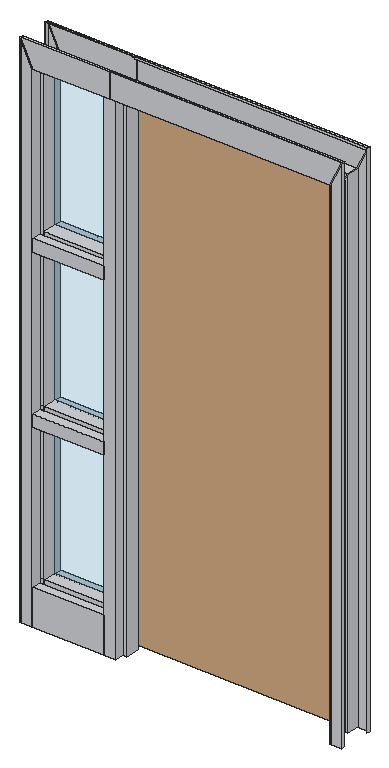
Revit family "Three SideLight Ext-F-WDMF-36 x 84-18 RSLT-4 Head", category Doors, host Wall, Revit 2014
Parameters (values of type "Ext-F-WDMF-36" x 84"-18"RSLT-4" Head")
  Width = Door Panel Width  # 3' - 0"
  Wall Thickness [instance] = 0' - 5 3/4"
  URL = ""
  Type Comments = "EXT,"
  Thickness = 0' - 1 3/4"
  Swing Angle [instance] = 90.00°
  Sidelite Width = P2 Width - 0' 2"  # 1' - 0"
  SDI Right Sidelite Width = Sidelite Width  # 1' - 0"
  SDI RO Spacing = 0' - 0"
  SDI Panel 1 Width = Leaf Width + 0' 0 3/16"  # 3' - 0"
  SDI No Panels = ""
  SDI HW Set [instance] = ""
  SDI HW Item LO-2 [instance] = ""
  SDI HW Item LO-1 [instance] = ""
  SDI HW Item KP-2 [instance] = ""
  SDI HW Item KP-1 [instance] = ""
  SDI HW Item HI-2 [instance] = ""
  SDI HW Item HI-1 [instance] = ""
  SDI HW Item HC-2 [instance] = ""
  SDI HW Item HC-1 [instance] = ""
  SDI HW Item ED-2 [instance] = ""
  SDI HW Item ED-1 [instance] = ""
  SDI HW Item DO-2 [instance] = ""
  SDI HW Item DO-1 [instance] = ""
  SDI HW Item CL-2 [instance] = ""
  SDI HW Item CL-1 [instance] = ""
  SDI Glass Material = Glass
  SDI Frame Type = "Right Sidelite"
  SDI Frame Sill Width = 0' - 6"
  SDI Frame Material Type = "Hollow Metal"
  SDI Frame Material = Paint - Generic - Prime
  SDI Frame Manufacturer = ""
  SDI Frame Jamb Width = 0' - 2"
  SDI Frame Head Width = 0' - 4"
  SDI Frame Finish Type = "Painted"
  SDI Frame Finish Color = "Prime"
  SDI Frame Depth [instance] = 0' - 5 3/4"
  SDI Family Version = "1.0"
  SDI Door Panel Type = "F"
  SDI Door Material Type = "Hollow Metal"
  SDI Door Material = Stain - SRO - Red Oak 100 Clear
  SDI Door Manufacturer = ""
  SDI Door Finish Type = "Painted"
  SDI Door Finish Color = "Prime"
  SDI Door Configuration = "SG"
  SDI Arch Frame Type [instance] = ""
  SDI Arch Frame Material Type [instance] = "HM"
  SDI Arch Door Panel Type [instance] = "F"
  SDI Arch Door Material Type [instance] = "HM"
  SDI Adjacent Wall Placement = 0' - 4"
  Rough Width = Frame Width - 0' 0" + 2 * SDI RO Spacing  # 4' - 6"
  Rough Height = Frame Height - 0' 0" + SDI RO Spacing  # 7' - 4"
  R1 Height = 7' - 2"
  P2 Width = 1' - 2"
  P1 Width = 3' - 2"
  Model = "Ext-F-WDMF-36\" x 84\"-18\"RSLT-4\" Head"
  Manufacturer = ""
  Leaf Width = P1 Width - 0' 2 3/16"  # 2' - 11 13/16"
  Height = Door Panel Height  # 7' - 0"
  Glass Offset [instance] = 0' 2 1/16" + (SDI Frame Depth - 0' 5 3/4") / 2  # 0' - 2 1/16"
  Function = Exterior
  Frame Width = P1 Width + P2 Width + 0' 2"  # 4' - 6"
  Frame Offset [instance] = if(Aligned Exterior, SDI Frame Depth / 2, if(Aligned Center, Wall Thickness / 2, if(Aligned Interior, Wall Thickness - SDI Frame Depth + SDI Frame Depth / 2, Aligned Other)))  # 0' - 2 7/8"
  Frame Height = R1 Height + 0' 2"  # 7' - 4"
  Fire Rating = ""
  Exterior Glazing [instance] = no
  Door Panel Width = P1 Width - 0' 2"  # 3' - 0"
  Door Panel Height = R1 Height + 0' 2" - (0' 4")  # 7' - 0"
  Door Offset [instance] = 0' 2 13/16" + (SDI Frame Depth - 0' 5 3/4") / 2  # 0' - 2 13/16"
  Description = "Three Hollow Metal Door with Hollow Metal Frame"
  Cost = 0
  Assembly Code = "B2030220"
  Analytic Construction = "<None>"
  Aligned Other [instance] = 0' - 0"
  Aligned Interior [instance] = no
  Aligned Exterior [instance] = yes
  Aligned Center [instance] = no
  ADA Clearance Lines = no
Reference planes (in)
  plane 1: y = 0
  plane 2 "Center (Left/Right)": x = 0
  plane 3 "Wall Edge": y = 2.875
  plane 4 "Wall Interior": y = -2.875
  plane 5 "ModelRefLevel": z = 0
  plane 6 "FrameDepthPlane": y = 0
  plane 7 "FrameFront": y = 2.875
  plane 8 "FrameBack": y = -2.875
  plane 9 "V0": x = 26
  plane 10 "V1": x = -12
  plane 11 "V2": x = -26
  plane 12 "H0": z = 1
  plane 13 "H1": z = 87
  plane 14 "InTermLeftJamb0": x = 25
  plane 15 "OutTermLeftJamb0": x = 27
  plane 16 "OutsideJamb1": x = -13
  plane 17 "InsideJamb1": x = -11
  plane 18 "InTermRightJamb2": x = -25
  plane 19 "OutTermRightJamb2": x = -27
  plane 20 "D0.151041666666667": y = 1.0625
  plane 21 "D0.109375": y = 1.5625
  plane 22 "DoorLeft": x = 25
  plane 23 "DoorRight": x = -11
  plane 24 "DoorCenter": x = 7
  plane 25 "DoorTop": z = 83.875
  plane 26 "DoorCenterTB": z = 41.9375
  plane 27 "DoorExtFace": y = 2.8125
  plane 28 "DoorGlassFace": y = 2.0625
  plane 29 "LockCenterLine": z = 41.3125
  plane 30 "ActDoorLeft": x = 24.90625
  plane 31 "SwingClrPlane": y = 62.875
  plane 32 "SwingPartialPlane": y = 50.875
  plane 33 "LeftAdjWall": x = 31
  plane 34: z = 44
  plane 35: z = 57.47917
  plane 36: z = 31.08333
  plane 37: z = 4.6875
Forms (in)
  Extrusion 1, solid
    sketch origin (145.6875, 0, 44) x (-1, 0, 0) y (0, -1, 0)
      loop
        line (118.6875, -2.375) -> (118.6875, -2.875) -> (120.6875, -2.875) -> (120.6875, -0.9375) -> (121.3125, -0.9375) -> (121.3125, 1.3125) -> (120.6875, 1.3125) -> (120.6875, 2.875) -> (118.6875, 2.875) -> (118.6875, 2.4375) -> (118.75, 2.4375) -> (118.75, 2.8125) -> (120.625, 2.8125) -> (120.625, 1.25) -> (121.25, 1.25) -> (121.25, -0.875) -> (120.625, -0.875) -> (120.625, -2.8125) -> (118.75, -2.8125) -> (118.75, -2.375) -> (118.6875, -2.375)
    from -44 to 44
  Extrusion 2, void
    sketch origin (0, 2.875, 0) x (1, 0, 0) y (0, 0, 1)
      loop
        line (27, 88) -> (24.375, 88) -> (24.375, 82.75) -> (27, 88)
    from -12 to 12
  Extrusion 3, solid
    sketch origin (108, 0, 42) x (-1, 0, 0) y (0, -1, 0)
      loop
        line (121, -0.9375) -> (121.625, -0.9375) -> (121.625, 1.3125) -> (121, 1.3125) -> (121, 2.875) -> (119, 2.875) -> (119, 1.3125) -> (118.375, 1.3125) -> (118.375, -0.9375) -> (119, -0.9375) -> (119, -2.875) -> (121, -2.875) -> (121, -0.9375)
      loop
        line (120.9375, -0.875) -> (121.5625, -0.875) -> (121.5625, 1.25) -> (120.9375, 1.25) -> (120.9375, 2.8125) -> (119.0625, 2.8125) -> (119.0625, 1.25) -> (118.4375, 1.25) -> (118.4375, -0.875) -> (119.0625, -0.875) -> (119.0625, -2.8125) -> (120.9375, -2.8125) -> (120.9375, -0.875)
    from -42 to 42
  Extrusion 4, solid
    sketch origin (94.3125, 0, 44) x (-1, 0, 0) y (0, -1, 0)
      loop
        line (121.25, -2.375) -> (121.25, -2.8125) -> (119.375, -2.8125) -> (119.375, -0.875) -> (118.75, -0.875) -> (118.75, 1.25) -> (119.375, 1.25) -> (119.375, 2.8125) -> (121.25, 2.8125) -> (121.25, 2.4375) -> (121.3125, 2.4375) -> (121.3125, 2.875) -> (119.3125, 2.875) -> (119.3125, 1.3125) -> (118.6875, 1.3125) -> (118.6875, -0.9375) -> (119.3125, -0.9375) -> (119.3125, -2.875) -> (121.3125, -2.875) -> (121.3125, -2.375) -> (121.25, -2.375)
    from -44 to 44
  Extrusion 5, void
    sketch origin (0, 2.875, 0) x (1, 0, 0) y (0, 0, 1)
      loop
        line (-27, 88) -> (-24.375, 82.75) -> (-24.375, 88) -> (-27, 88)
    from -12 to 12
  Extrusion 6, solid
    sketch origin (-19, 0, 3.3125) x (0, 1, 0) y (0, 0, 1)
      loop
        line (2.375, -3.3125) -> (2.875, -3.3125) -> (2.875, 2.6875) -> (0.9375, 2.6875) -> (0.9375, 3.3125) -> (-1.3125, 3.3125) -> (-1.3125, 2.6875) -> (-2.875, 2.6875) -> (-2.875, -3.3125) -> (-2.4375, -3.3125) -> (-2.4375, -3.25) -> (-2.8125, -3.25) -> (-2.8125, 2.625) -> (-1.25, 2.625) -> (-1.25, 3.25) -> (0.875, 3.25) -> (0.875, 2.625) -> (2.8125, 2.625) -> (2.8125, -3.25) -> (2.375, -3.25) -> (2.375, -3.3125)
    from -6 to 6
  Extrusion 7, solid
    sketch origin (7.5, 0, 85.6875) x (0, 1, 0) y (0, 0, 1)
      loop
        line (2.4375, 1.9375) -> (2.4375, 2.25) -> (2.8125, 2.25) -> (2.8125, -1.625) -> (0.875, -1.625) -> (0.875, -2.25) -> (-1.25, -2.25) -> (-1.25, -1.625) -> (-2.8125, -1.625) -> (-2.8125, 2.25) -> (-2.4375, 2.25) -> (-2.4375, 1.9375) -> (-2.375, 1.9375) -> (-2.375, 2.3125) -> (-2.875, 2.3125) -> (-2.875, -1.6875) -> (-1.3125, -1.6875) -> (-1.3125, -2.3125) -> (0.9375, -2.3125) -> (0.9375, -1.6875) -> (2.875, -1.6875) -> (2.875, 2.3125) -> (2.375, 2.3125) -> (2.375, 1.9375) -> (2.4375, 1.9375)
    from -19.5 to 19.5
  Extrusion 8, void
    sketch origin (0, 2.875, 0) x (1, 0, 0) y (0, 0, 1)
      loop
        line (27, 88) -> (24.6875, 83.375) -> (27, 83.375) -> (27, 88)
    from -12 to 12
  Extrusion 9, solid
    sketch origin (-19.5, 0, 85.6875) x (0, 1, 0) y (0, 0, 1)
      loop
        line (2.375, 2.25) -> (2.8125, 2.25) -> (2.8125, -1.625) -> (0.875, -1.625) -> (0.875, -2.25) -> (-1.25, -2.25) -> (-1.25, -1.625) -> (-2.8125, -1.625) -> (-2.8125, 2.25) -> (-2.4375, 2.25) -> (-2.4375, 2.3125) -> (-2.875, 2.3125) -> (-2.875, -1.6875) -> (-1.3125, -1.6875) -> (-1.3125, -2.3125) -> (0.9375, -2.3125) -> (0.9375, -1.6875) -> (2.875, -1.6875) -> (2.875, 2.3125) -> (2.375, 2.3125) -> (2.375, 2.25)
    from -7.5 to 7.5
  Extrusion 10, void
    sketch origin (0, 2.875, 0) x (1, 0, 0) y (0, 0, 1)
      loop
        line (-27, 88) -> (-27, 83.375) -> (-24.6875, 83.375) -> (-27, 88)
    from -12 to 12
  Extrusion 11, solid, material "Glass" <- "SDI Glass Material"
    sketch origin (-60, 1.0625, -12) x (1, 0, 0) y (0, 0, 1)
      loop
        line (47, 18) -> (47, 42.07774) -> (35, 42.07774) -> (35, 18) -> (47, 18)
      loop
        line (35, 96) -> (35, 70.47916) -> (47, 70.47916) -> (47, 96) -> (35, 96)
      loop
        line (47, 68.47917) -> (35, 68.47917) -> (35, 44.07773) -> (47, 44.07773) -> (47, 68.47917)
    from -0.125 to 0.125
  Extrusion 12, solid, material "Glass" <- "SDI Glass Material", visible <- "Exterior Glazing"
    sketch origin (-60, 1.5625, -12) x (1, 0, 0) y (0, 0, 1)
      loop
        line (47, 18) -> (47, 42.07774) -> (35, 42.07774) -> (35, 18) -> (47, 18)
      loop
        line (35, 96) -> (35, 70.47916) -> (47, 70.47916) -> (47, 96) -> (35, 96)
      loop
        line (47, 68.47917) -> (35, 68.47917) -> (35, 44.07773) -> (47, 44.07773) -> (47, 68.47917)
    from -0.125 to 0.125
  Extrusion 13, solid, material "Stain - SRO - Red Oak 100 Clear" <- "SDI Door Material"
    sketch origin (-60, 2.8125, -12) x (1, 0, 0) y (0, 0, 1)
      loop
        line (84.90625, 12.625) -> (84.90625, 95.875) -> (49.09375, 95.875) -> (49.09375, 12.625) -> (84.90625, 12.625)
    from 0 to 1.75
  Sweep 14, solid
    path origin (-19.85964, 3.1251, -0.10974) x (1, 0, 0) y (0, 0, 1)
      loop
        line (6.85964, 44.10974) -> (-5.14036, 44.10974)
    profile origin (-19, 3.1251, 44) x (0, 0, -1) y (0, -1, 0)
      loop
        line (-11.91667, 4.375) -> (-12.54167, 4.375) -> (-12.54167, 5.9375) -> (-14.41666, 5.9375) -> (-14.41666, 4.375) -> (-15.04166, 4.375) -> (-15.04166, 2.25) -> (-14.41666, 2.25) -> (-14.41666, 0.3125) -> (-12.54167, 0.3125) -> (-12.54167, 2.25) -> (-11.91667, 2.25) -> (-11.91667, 4.375)
      loop
        line (-14.47916, 0.25) -> (-12.47917, 0.25) -> (-12.47917, 2.1875) -> (-11.85417, 2.1875) -> (-11.85417, 4.4375) -> (-12.47917, 4.4375) -> (-12.47917, 6) -> (-14.47916, 6) -> (-14.47916, 4.4375) -> (-15.10416, 4.4375) -> (-15.10416, 2.1875) -> (-14.47916, 2.1875) -> (-14.47916, 0.25)
      loop
        line (14.48476, 4.3751) -> (13.85976, 4.3751) -> (13.85976, 5.9376) -> (11.98477, 5.9376) -> (11.98477, 4.3751) -> (11.35977, 4.3751) -> (11.35977, 2.2501) -> (11.98477, 2.2501) -> (11.98477, 0.3126) -> (13.85976, 0.3126) -> (13.85976, 2.2501) -> (14.48476, 2.2501) -> (14.48476, 4.3751)
      loop
        line (11.92227, 0.2501) -> (13.92226, 0.2501) -> (13.92226, 2.1876) -> (14.54726, 2.1876) -> (14.54726, 4.4376) -> (13.92226, 4.4376) -> (13.92226, 6.0001) -> (11.92227, 6.0001) -> (11.92227, 4.4376) -> (11.29727, 4.4376) -> (11.29727, 2.1876) -> (11.92227, 2.1876) -> (11.92227, 0.2501)
Cuts and joins
  Extrusion 2 cuts Extrusion 1
  Extrusion 5 cuts Extrusion 4
  Extrusion 8 cuts Extrusion 7
  Extrusion 10 cuts Extrusion 9
Lines and regions (in)
  Opening 1
    outline origin (-60, -2.875, 0) x (1, 0, 0) y (0, 0, 1)
      loop
        line (87, 0) -> (87, 88) -> (33, 88) -> (33, 0) -> (87, 0)
  symbolic lines, style "DoorsFrameMullionProjection", detail levels fine
    curve 1: line (27, 2.375, 0) -> (27, 2.875, 0)
    curve 2: line (27, 2.875, 0) -> (25, 2.875, 0)
    curve 3: line (25, 2.875, 0) -> (25, 0.9375, 0)
    curve 4: line (25, 0.9375, 0) -> (24.375, 0.9375, 0)
    curve 5: line (24.375, 0.9375, 0) -> (24.375, -1.3125, 0)
    curve 6: line (24.375, -1.3125, 0) -> (25, -1.3125, 0)
    curve 7: line (25, -1.3125, 0) -> (25, -2.875, 0)
    curve 8: line (25, -2.875, 0) -> (27, -2.875, 0)
    curve 9: line (27, -2.875, 0) -> (27, -2.4375, 0)
    curve 10: line (27, -2.4375, 0) -> (26.9375, -2.4375, 0)
    curve 11: line (26.9375, -2.4375, 0) -> (26.9375, -2.8125, 0)
    curve 12: line (26.9375, -2.8125, 0) -> (25.0625, -2.8125, 0)
    curve 13: line (25.0625, -2.8125, 0) -> (25.0625, -1.25, 0)
    curve 14: line (25.0625, -1.25, 0) -> (24.4375, -1.25, 0)
    curve 15: line (24.4375, -1.25, 0) -> (24.4375, 0.875, 0)
    curve 16: line (24.4375, 0.875, 0) -> (25.0625, 0.875, 0)
    curve 17: line (25.0625, 0.875, 0) -> (25.0625, 2.8125, 0)
    curve 18: line (25.0625, 2.8125, 0) -> (26.9375, 2.8125, 0)
    curve 19: line (26.9375, 2.8125, 0) -> (26.9375, 2.375, 0)
    curve 20: line (26.9375, 2.375, 0) -> (27, 2.375, 0)
    curve 25: line (-13, 0.9375, 0) -> (-13.625, 0.9375, 0)
    curve 26: line (-13.625, 0.9375, 0) -> (-13.625, -1.3125, 0)
    curve 27: line (-13.625, -1.3125, 0) -> (-13, -1.3125, 0)
    curve 28: line (-13, -1.3125, 0) -> (-13, -2.875, 0)
    curve 29: line (-13, -2.875, 0) -> (-11, -2.875, 0)
    curve 30: line (-11, -2.875, 0) -> (-11, -1.3125, 0)
    curve 31: line (-11, -1.3125, 0) -> (-10.375, -1.3125, 0)
    curve 32: line (-10.375, -1.3125, 0) -> (-10.375, 0.9375, 0)
    curve 33: line (-10.375, 0.9375, 0) -> (-11, 0.9375, 0)
    curve 34: line (-11, 0.9375, 0) -> (-11, 2.875, 0)
    curve 35: line (-11, 2.875, 0) -> (-13, 2.875, 0)
    curve 36: line (-13, 2.875, 0) -> (-13, 0.9375, 0)
    curve 37: line (-12.9375, 0.875, 0) -> (-13.5625, 0.875, 0)
    curve 38: line (-13.5625, 0.875, 0) -> (-13.5625, -1.25, 0)
    curve 39: line (-13.5625, -1.25, 0) -> (-12.9375, -1.25, 0)
    curve 40: line (-12.9375, -1.25, 0) -> (-12.9375, -2.8125, 0)
    curve 41: line (-12.9375, -2.8125, 0) -> (-11.0625, -2.8125, 0)
    curve 42: line (-11.0625, -2.8125, 0) -> (-11.0625, -1.25, 0)
    curve 43: line (-11.0625, -1.25, 0) -> (-10.4375, -1.25, 0)
    curve 44: line (-10.4375, -1.25, 0) -> (-10.4375, 0.875, 0)
    curve 45: line (-10.4375, 0.875, 0) -> (-11.0625, 0.875, 0)
    curve 46: line (-11.0625, 0.875, 0) -> (-11.0625, 2.8125, 0)
    curve 47: line (-11.0625, 2.8125, 0) -> (-12.9375, 2.8125, 0)
    curve 48: line (-12.9375, 2.8125, 0) -> (-12.9375, 0.875, 0)
    curve 53: line (-26.9375, 2.375, 0) -> (-26.9375, 2.8125, 0)
    curve 54: line (-26.9375, 2.8125, 0) -> (-25.0625, 2.8125, 0)
    curve 55: line (-25.0625, 2.8125, 0) -> (-25.0625, 0.875, 0)
    curve 56: line (-25.0625, 0.875, 0) -> (-24.4375, 0.875, 0)
    curve 57: line (-24.4375, 0.875, 0) -> (-24.4375, -1.25, 0)
    curve 58: line (-24.4375, -1.25, 0) -> (-25.0625, -1.25, 0)
    curve 59: line (-25.0625, -1.25, 0) -> (-25.0625, -2.8125, 0)
    curve 60: line (-25.0625, -2.8125, 0) -> (-26.9375, -2.8125, 0)
    curve 61: line (-26.9375, -2.8125, 0) -> (-26.9375, -2.4375, 0)
    curve 62: line (-26.9375, -2.4375, 0) -> (-27, -2.4375, 0)
    curve 63: line (-27, -2.4375, 0) -> (-27, -2.875, 0)
    curve 64: line (-27, -2.875, 0) -> (-25, -2.875, 0)
    curve 65: line (-25, -2.875, 0) -> (-25, -1.3125, 0)
    curve 66: line (-25, -1.3125, 0) -> (-24.375, -1.3125, 0)
    curve 67: line (-24.375, -1.3125, 0) -> (-24.375, 0.9375, 0)
    curve 68: line (-24.375, 0.9375, 0) -> (-25, 0.9375, 0)
    curve 69: line (-25, 0.9375, 0) -> (-25, 2.875, 0)
    curve 70: line (-25, 2.875, 0) -> (-27, 2.875, 0)
    curve 71: line (-27, 2.875, 0) -> (-27, 2.375, 0)
    curve 72: line (-27, 2.375, 0) -> (-26.9375, 2.375, 0)
  symbolic lines, style "DoorsFrameMullionProjection", detail levels coarse+medium
    curve 21: line (25, -2.875, 0) -> (27, -2.875, 0)
    curve 22: line (25, 2.875, 0) -> (27, 2.875, 0)
    curve 23: line (25, -2.875, 0) -> (25, 2.875, 0)
    curve 24: line (27, -2.875, 0) -> (27, 2.875, 0)
    curve 49: line (-13, -2.875, 0) -> (-11, -2.875, 0)
    curve 50: line (-13, 2.875, 0) -> (-11, 2.875, 0)
    curve 51: line (-13, -2.875, 0) -> (-13, 2.875, 0)
    curve 52: line (-11, -2.875, 0) -> (-11, 2.875, 0)
    curve 73: line (-27, -2.875, 0) -> (-25, -2.875, 0)
    curve 74: line (-27, 2.875, 0) -> (-25, 2.875, 0)
    curve 75: line (-27, -2.875, 0) -> (-27, 2.875, 0)
    curve 76: line (-25, -2.875, 0) -> (-25, 2.875, 0)
  symbolic lines, style "Elevation Swing"
    curve 77: line (-10.90625, 2.875, 83.875) -> (24.90625, 2.875, 41.9375)
    curve 78: line (-10.90625, 2.875, 0) -> (24.90625, 2.875, 41.9375)
  symbolic lines, style "ADA Clearance", visible <- "ADA Clearance Lines"
    curve 79: line (27, 2.875, 0) -> (27, 62.875, 0)
    curve 80: line (-29, 62.875, 0) -> (27, 62.875, 0)
    curve 81: line (-29, 50.875, 0) -> (27, 50.875, 0)
    curve 82: line (-29, 2.875, 0) -> (-29, 62.875, 0)
    curve 83: line (27, -2.875, 0) -> (27, -50.875, 0)
    curve 84: line (-23, -50.875, 0) -> (27, -50.875, 0)
    curve 85: line (-23, -2.875, 0) -> (-23, -50.875, 0)
Text (in)
  text "Placement Side" at (0, 40.15149, 123.01588), in view "Right"
  text "Placement Side" at (-70.3804, 28.46503, 0), in view "Ref. Level"
  text "Placement Side" at (0, 81.62555, 140.59947), in view "Left"
Dimensions and locks (in)
  locked: plane 3 "Wall Edge" to host wall
  equal spacing: host wall, plane 2 "Center (Left/Right)", host wall
  "Rough Width": host wall to host wall
  "Rough Height": level to host wall
  equal spacing: plane 3 "Wall Edge", plane 1, plane 4 "Wall Interior"
  "Wall Thickness": host wall to host wall
  "Frame Offset": plane 3 "Wall Edge" to plane 6 "FrameDepthPlane"
  equal spacing: plane 7 "FrameFront", plane 6 "FrameDepthPlane", plane 8 "FrameBack"
  "SDI Frame Depth": plane 7 "FrameFront" to plane 8 "FrameBack"
  equal spacing: plane 9 "V0", plane 2 "Center (Left/Right)", plane 11 "V2"
  "P1 Width": plane 9 "V0" to plane 10 "V1"
  "P2 Width": plane 10 "V1" to plane 11 "V2"
  "R1 Height": plane 12 "H0" to plane 13 "H1"
  locked: plane 13 "H1" to Extrusion 1 at 1
  locked: plane 12 "H0" to Extrusion 1 at 1
  locked: plane 9 "V0" to Extrusion 1 at 1  (x4)
  locked: plane 9 "V0" to Extrusion 1 at 0.9375  (x5)
  locked: plane 9 "V0" to Extrusion 1 at 1.5625
  locked: plane 9 "V0" to Extrusion 1 at 1.625
  locked: plane 9 "V0" to curve 1 at 1
  locked: plane 9 "V0" to curve 2 at 1
  locked: plane 9 "V0" to curve 3 at 1
  locked: plane 9 "V0" to curve 4 at 1
  locked: plane 9 "V0" to curve 5 at 1.625
  locked: plane 9 "V0" to curve 6 at 1.625
  locked: plane 9 "V0" to curve 7 at 1
  locked: plane 9 "V0" to curve 8 at 1
  locked: plane 9 "V0" to curve 9 at 1
  locked: plane 9 "V0" to curve 10 at 1
  locked: plane 9 "V0" to curve 11 at 0.9375
  locked: plane 9 "V0" to curve 12 at 0.9375
  locked: plane 9 "V0" to curve 13 at 0.9375
  locked: plane 9 "V0" to curve 14 at 0.9375
  locked: plane 9 "V0" to curve 15 at 1.5625
  locked: plane 9 "V0" to curve 16 at 1.5625
  locked: plane 9 "V0" to curve 17 at 0.9375
  locked: plane 9 "V0" to curve 18 at 0.9375
  locked: plane 9 "V0" to curve 19 at 0.9375
  locked: plane 9 "V0" to curve 20 at 0.9375
  locked: plane 9 "V0" to plane 15 "OutTermLeftJamb0" at 1
  locked: plane 9 "V0" to plane 14 "InTermLeftJamb0" at 1
  locked: plane 9 "V0" to curve 21 at 1
  locked: plane 9 "V0" to curve 22 at 1
  locked: plane 9 "V0" to curve 23 at 1
  locked: plane 9 "V0" to curve 24 at 1
  locked: plane 13 "H1" to Extrusion 3 at 3
  locked: plane 12 "H0" to Extrusion 3 at 1
  locked: plane 10 "V1" to Extrusion 3 at 1  (x5)
  locked: plane 10 "V1" to Extrusion 3 at 1.625  (x2)
  locked: plane 10 "V1" to Extrusion 3 at 1.5625  (x2)
  locked: plane 10 "V1" to Extrusion 3 at 0.9375  (x4)
  locked: plane 10 "V1" to curve 25 at 1
  locked: plane 10 "V1" to curve 26 at 1.625
  locked: plane 10 "V1" to curve 27 at 1.625
  locked: plane 10 "V1" to curve 28 at 1
  locked: plane 10 "V1" to curve 29 at 1
  locked: plane 10 "V1" to curve 30 at 1
  locked: plane 10 "V1" to curve 31 at 1
  locked: plane 10 "V1" to curve 32 at 1.625
  locked: plane 10 "V1" to curve 33 at 1.625
  locked: plane 10 "V1" to curve 34 at 1
  locked: plane 10 "V1" to curve 35 at 1
  locked: plane 10 "V1" to curve 36 at 1
  locked: plane 10 "V1" to curve 37 at 0.9375
  locked: plane 10 "V1" to curve 38 at 1.5625
  locked: plane 10 "V1" to curve 39 at 1.5625
  locked: plane 10 "V1" to curve 40 at 0.9375
  locked: plane 10 "V1" to curve 41 at 0.9375
  locked: plane 10 "V1" to curve 42 at 0.9375
  locked: plane 10 "V1" to curve 43 at 0.9375
  locked: plane 10 "V1" to curve 44 at 1.5625
  locked: plane 10 "V1" to curve 45 at 1.5625
  locked: plane 10 "V1" to curve 46 at 0.9375
  locked: plane 10 "V1" to curve 47 at 0.9375
  locked: plane 10 "V1" to curve 48 at 0.9375
  locked: plane 10 "V1" to plane 16 "OutsideJamb1" at 1
  locked: plane 10 "V1" to plane 17 "InsideJamb1" at 1
  locked: plane 10 "V1" to curve 49 at 1
  locked: plane 10 "V1" to curve 50 at 1
  locked: plane 10 "V1" to curve 51 at 1
  locked: plane 10 "V1" to curve 52 at 1
  locked: plane 13 "H1" to Extrusion 4 at 1
  locked: plane 12 "H0" to Extrusion 4 at 1
  locked: plane 11 "V2" to Extrusion 4 at 0.9375  (x4)
  locked: plane 11 "V2" to Extrusion 4 at 1  (x5)
  locked: plane 11 "V2" to Extrusion 4 at 1.625
  locked: plane 11 "V2" to Extrusion 4 at 1.5625
  locked: plane 11 "V2" to curve 53 at 0.9375
  locked: plane 11 "V2" to curve 54 at 0.9375
  locked: plane 11 "V2" to curve 55 at 0.9375
  locked: plane 11 "V2" to curve 56 at 0.9375
  locked: plane 11 "V2" to curve 57 at 1.5625
  locked: plane 11 "V2" to curve 58 at 1.5625
  locked: plane 11 "V2" to curve 59 at 0.9375
  locked: plane 11 "V2" to curve 60 at 0.9375
  locked: plane 11 "V2" to curve 61 at 0.9375
  locked: plane 11 "V2" to curve 62 at 0.9375
  locked: plane 11 "V2" to curve 63 at 1
  locked: plane 11 "V2" to curve 64 at 1
  locked: plane 11 "V2" to curve 65 at 1
  locked: plane 11 "V2" to curve 66 at 1
  locked: plane 11 "V2" to curve 67 at 1.625
  locked: plane 11 "V2" to curve 68 at 1.625
  locked: plane 11 "V2" to curve 69 at 1
  locked: plane 11 "V2" to curve 70 at 1
  locked: plane 11 "V2" to curve 71 at 1
  locked: plane 11 "V2" to curve 72 at 1
  locked: plane 11 "V2" to plane 18 "InTermRightJamb2" at 1
  locked: plane 11 "V2" to plane 19 "OutTermRightJamb2" at 1
  locked: plane 11 "V2" to curve 73 at 1
  locked: plane 11 "V2" to curve 74 at 1
  locked: plane 11 "V2" to curve 75 at 1
  locked: plane 11 "V2" to curve 76 at 1
  locked: plane 10 "V1" to Extrusion 6 at 1
  locked: plane 11 "V2" to Extrusion 6 at 1
  locked: plane 12 "H0" to Extrusion 6 at 5  (x2)
  locked: plane 12 "H0" to Extrusion 6 at 5.625
  locked: plane 12 "H0" to Extrusion 6 at 0.9375  (x2)
  locked: plane 12 "H0" to Extrusion 6 at 1  (x3)
  locked: plane 12 "H0" to Extrusion 6 at 4.9375  (x2)
  locked: plane 12 "H0" to Extrusion 6 at 5.5625
  locked: plane 9 "V0" to Extrusion 7 at 1
  locked: plane 13 "H1" to Extrusion 7 at 2.9375  (x2)
  locked: plane 13 "H1" to Extrusion 7 at 3.5625
  locked: plane 13 "H1" to Extrusion 7 at 1  (x2)
  locked: plane 13 "H1" to Extrusion 7 at 0.9375  (x3)
  locked: plane 13 "H1" to Extrusion 7 at 0.625  (x2)
  locked: plane 13 "H1" to Extrusion 7 at 3  (x2)
  locked: plane 13 "H1" to Extrusion 7 at 3.625
  locked: plane 11 "V2" to Extrusion 9 at 1
  locked: plane 13 "H1" to Extrusion 9 at 2.9375  (x2)
  locked: plane 13 "H1" to Extrusion 9 at 3.5625
  locked: plane 13 "H1" to Extrusion 9 at 1  (x2)
  locked: plane 13 "H1" to Extrusion 9 at 0.9375  (x3)
  locked: plane 13 "H1" to Extrusion 9 at 3  (x2)
  locked: plane 13 "H1" to Extrusion 9 at 3.625
  locked: plane 7 "FrameFront" to cut or joined group of Extrusion 1, Extrusion 2 at 1.9375
  locked: plane 7 "FrameFront" to cut or joined group of Extrusion 1, Extrusion 2 at 2
  locked: plane 7 "FrameFront" to cut or joined group of Extrusion 1, Extrusion 2 at 0.0625
  locked: plane 7 "FrameFront" to cut or joined group of Extrusion 1, Extrusion 2 at 0.5
  locked: plane 8 "FrameBack" to cut or joined group of Extrusion 1, Extrusion 2 at 1.5625
  locked: plane 8 "FrameBack" to cut or joined group of Extrusion 1, Extrusion 2 at 0.4375
  locked: plane 8 "FrameBack" to cut or joined group of Extrusion 1, Extrusion 2 at 0.0625
  locked: plane 8 "FrameBack" to cut or joined group of Extrusion 1, Extrusion 2 at 1.625
  locked: plane 7 "FrameFront" to Extrusion 3 at 1.9375  (x2)
  locked: plane 7 "FrameFront" to Extrusion 3 at 2  (x2)
  locked: plane 7 "FrameFront" to Extrusion 3 at 0.0625
  locked: plane 8 "FrameBack" to Extrusion 3 at 1.5625  (x2)
  locked: plane 8 "FrameBack" to Extrusion 3 at 1.625  (x2)
  locked: plane 8 "FrameBack" to Extrusion 3 at 0.0625
  locked: plane 7 "FrameFront" to cut or joined group of Extrusion 4, Extrusion 5 at 0.0625
  locked: plane 7 "FrameFront" to cut or joined group of Extrusion 4, Extrusion 5 at 2
  locked: plane 7 "FrameFront" to cut or joined group of Extrusion 4, Extrusion 5 at 1.9375
  locked: plane 7 "FrameFront" to cut or joined group of Extrusion 4, Extrusion 5 at 0.5
  locked: plane 8 "FrameBack" to cut or joined group of Extrusion 4, Extrusion 5 at 1.625
  locked: plane 8 "FrameBack" to cut or joined group of Extrusion 4, Extrusion 5 at 0.0625
  locked: plane 8 "FrameBack" to cut or joined group of Extrusion 4, Extrusion 5 at 0.4375
  locked: plane 8 "FrameBack" to cut or joined group of Extrusion 4, Extrusion 5 at 1.5625
  locked: plane 7 "FrameFront" to Extrusion 6 at 1.9375
  locked: plane 7 "FrameFront" to Extrusion 6 at 2
  locked: plane 7 "FrameFront" to Extrusion 6 at 0.0625
  locked: plane 7 "FrameFront" to Extrusion 6 at 0.5
  locked: plane 8 "FrameBack" to Extrusion 6 at 1.5625
  locked: plane 8 "FrameBack" to Extrusion 6 at 0.4375
  locked: plane 8 "FrameBack" to Extrusion 6 at 0.0625
  locked: plane 8 "FrameBack" to Extrusion 6 at 1.625
  locked: plane 7 "FrameFront" to cut or joined group of Extrusion 7, Extrusion 8 at 0.0625
  locked: plane 7 "FrameFront" to cut or joined group of Extrusion 7, Extrusion 8 at 2
  locked: plane 7 "FrameFront" to cut or joined group of Extrusion 7, Extrusion 8 at 1.9375
  locked: plane 7 "FrameFront" to cut or joined group of Extrusion 7, Extrusion 8 at 0.5
  locked: plane 7 "FrameFront" to cut or joined group of Extrusion 7, Extrusion 8 at 0.4375
  locked: plane 8 "FrameBack" to cut or joined group of Extrusion 7, Extrusion 8 at 1.625
  locked: plane 8 "FrameBack" to cut or joined group of Extrusion 7, Extrusion 8 at 0.0625
  locked: plane 8 "FrameBack" to cut or joined group of Extrusion 7, Extrusion 8 at 0.4375
  locked: plane 8 "FrameBack" to cut or joined group of Extrusion 7, Extrusion 8 at 0.5
  locked: plane 8 "FrameBack" to cut or joined group of Extrusion 7, Extrusion 8 at 1.5625
  locked: plane 7 "FrameFront" to cut or joined group of Extrusion 9, Extrusion 10 at 0.0625
  locked: plane 7 "FrameFront" to cut or joined group of Extrusion 9, Extrusion 10 at 2
  locked: plane 7 "FrameFront" to cut or joined group of Extrusion 9, Extrusion 10 at 1.9375
  locked: plane 7 "FrameFront" to cut or joined group of Extrusion 9, Extrusion 10 at 0.5
  locked: plane 8 "FrameBack" to cut or joined group of Extrusion 9, Extrusion 10 at 1.625
  locked: plane 8 "FrameBack" to cut or joined group of Extrusion 9, Extrusion 10 at 0.0625
  locked: plane 8 "FrameBack" to cut or joined group of Extrusion 9, Extrusion 10 at 0.4375
  locked: plane 8 "FrameBack" to cut or joined group of Extrusion 9, Extrusion 10 at 1.5625
  locked: plane 7 "FrameFront" to curve 4 at 1.9375
  locked: plane 7 "FrameFront" to curve 16 at 2
  locked: plane 7 "FrameFront" to curve 18 at 0.0625
  locked: plane 7 "FrameFront" to curve 20 at 0.5
  locked: plane 7 "FrameFront" to curve 25 at 1.9375
  locked: plane 7 "FrameFront" to curve 33 at 1.9375
  locked: plane 7 "FrameFront" to curve 37 at 2
  locked: plane 7 "FrameFront" to curve 45 at 2
  locked: plane 7 "FrameFront" to curve 47 at 0.0625
  locked: plane 7 "FrameFront" to curve 54 at 0.0625
  locked: plane 7 "FrameFront" to curve 56 at 2
  locked: plane 7 "FrameFront" to curve 68 at 1.9375
  locked: plane 7 "FrameFront" to curve 72 at 0.5
  locked: plane 8 "FrameBack" to curve 6 at 1.5625
  locked: plane 8 "FrameBack" to curve 10 at 0.4375
  locked: plane 8 "FrameBack" to curve 12 at 0.0625
  locked: plane 8 "FrameBack" to curve 14 at 1.625
  locked: plane 8 "FrameBack" to curve 27 at 1.5625
  locked: plane 8 "FrameBack" to curve 31 at 1.5625
  locked: plane 8 "FrameBack" to curve 39 at 1.625
  locked: plane 8 "FrameBack" to curve 41 at 0.0625
  locked: plane 8 "FrameBack" to curve 43 at 1.625
  locked: plane 8 "FrameBack" to curve 58 at 1.625
  locked: plane 8 "FrameBack" to curve 60 at 0.0625
  locked: plane 8 "FrameBack" to curve 62 at 0.4375
  locked: plane 8 "FrameBack" to curve 66 at 1.5625
  locked: plane 7 "FrameFront" to Extrusion 11 at 1.9375
  locked: plane 7 "FrameFront" to Extrusion 11 at 1.6875
  locked: plane 7 "FrameFront" to Extrusion 12 at 1.4375
  locked: plane 7 "FrameFront" to Extrusion 12 at 1.1875
  locked: plane 9 "V0" to plane 22 "DoorLeft" at 1
  locked: plane 10 "V1" to plane 23 "DoorRight" at 1
  locked: plane 13 "H1" to plane 25 "DoorTop" at 3.125
  equal spacing: plane 25 "DoorTop", plane 26 "DoorCenterTB", plane 5 "ModelRefLevel"
  "Door Offset": plane 6 "FrameDepthPlane" to plane 27 "DoorExtFace"
  "Glass Offset": plane 6 "FrameDepthPlane" to plane 28 "DoorGlassFace"
  locked: plane 29 "LockCenterLine" to plane 5 "ModelRefLevel" at 41.3125
  locked: Extrusion 13 to Extrusion 13 at 1.75
  locked: plane 22 "DoorLeft" to Extrusion 13 at 0.09375
  locked: plane 23 "DoorRight" to Extrusion 13 at 0.09375
  locked: plane 5 "ModelRefLevel" to Extrusion 13 at 0.625
  locked: plane 22 "DoorLeft" to plane 30 "ActDoorLeft" at 0.09375
  locked: plane 3 "Wall Edge" to plane 31 "SwingClrPlane" at 60
  locked: plane 3 "Wall Edge" to plane 32 "SwingPartialPlane" at 48
  "SDI Adjacent Wall Placement": plane 15 "OutTermLeftJamb0" to plane 33 "LeftAdjWall"
  equal spacing: plane 12 "H0", plane 34, plane 13 "H1"
  Sweep 14 sketch curve to Sweep 14 sketch curve = 1' - 0"
  equal spacing: plane 37, plane 36, plane 35, plane 25 "DoorTop"
  locked: plane 37 to plane 5 "ModelRefLevel" at 4.6875
  aligned and locked: plane 4 "Wall Interior" to host wall
  aligned and locked: Extrusion 7 to plane 10 "V1"
  aligned and locked: plane 10 "V1" to Extrusion 9
  aligned and locked: cut or joined group of Extrusion 1, Extrusion 2 to plane 7 "FrameFront"
  aligned and locked: plane 8 "FrameBack" to cut or joined group of Extrusion 1, Extrusion 2
  aligned and locked: Extrusion 3 to plane 7 "FrameFront"
  aligned and locked: plane 8 "FrameBack" to Extrusion 3
  aligned and locked: cut or joined group of Extrusion 4, Extrusion 5 to plane 7 "FrameFront"
  aligned and locked: plane 8 "FrameBack" to cut or joined group of Extrusion 4, Extrusion 5
  aligned and locked: Extrusion 6 to plane 7 "FrameFront"
  aligned and locked: plane 8 "FrameBack" to Extrusion 6
  aligned and locked: cut or joined group of Extrusion 7, Extrusion 8 to plane 7 "FrameFront"
  aligned and locked: plane 8 "FrameBack" to cut or joined group of Extrusion 7, Extrusion 8
  aligned and locked: cut or joined group of Extrusion 9, Extrusion 10 to plane 7 "FrameFront"
  aligned and locked: plane 8 "FrameBack" to cut or joined group of Extrusion 9, Extrusion 10
  aligned and locked: curve 2 to plane 7 "FrameFront"
  aligned and locked: plane 7 "FrameFront" to curve 22
  aligned and locked: curve 35 to plane 7 "FrameFront"
  aligned and locked: plane 7 "FrameFront" to curve 50
  aligned and locked: curve 70 to plane 7 "FrameFront"
  aligned and locked: plane 7 "FrameFront" to curve 74
  aligned and locked: plane 8 "FrameBack" to curve 8
  aligned and locked: plane 8 "FrameBack" to curve 29
  aligned and locked: plane 8 "FrameBack" to curve 64
  aligned and locked: Extrusion 13 to plane 27 "DoorExtFace"
  aligned and locked: Extrusion 13 to plane 25 "DoorTop"
  aligned and locked: plane 7 "FrameFront" to nested 1
  aligned and locked: plane 30 "ActDoorLeft" to nested 1
  aligned and locked: plane 31 "SwingClrPlane" to curve 80
  aligned and locked: plane 32 "SwingPartialPlane" to curve 81
  aligned and locked: Sweep 14 sketch curve to plane 34
  aligned and locked: cut or joined group of Extrusion 4, Extrusion 5 to Sweep 14 sketch curve
  aligned and locked: Extrusion 12 sketch curve to Sweep 14  (x2)
  aligned and locked: Sweep 14 to Extrusion 12 sketch curve  (x2)
  aligned and locked: Extrusion 11 sketch curve to Sweep 14  (x2)
  aligned and locked: Sweep 14 to Extrusion 11 sketch curve  (x2)
Automatic sketch dimensions
  Opening 1 sketch curve to level = 0' - 0"
  Opening 1 sketch curve to plane 2 "Center (Left/Right)" = 2' - 3"
  plane 2 "Center (Left/Right)" to Opening 1 sketch curve = 2' - 3"
  level to Opening 1 sketch curve = 7' - 4"
  Extrusion 2 sketch curve to plane 9 "V0" = 0' - 1 5/8"
  plane 9 "V0" to Extrusion 2 sketch curve = 0' - 1"
  plane 13 "H1" to Extrusion 2 sketch curve = 0' - 4 1/4"
  Extrusion 2 sketch curve to plane 13 "H1" = 0' - 1"
  Extrusion 1 sketch curve to host wall = 0' - 0"
  host wall to Extrusion 1 sketch curve = 0' - 0"
  Extrusion 1 sketch curve to host wall = 0' - 0 1/2"
  plane 2 "Center (Left/Right)" to Extrusion 1 sketch curve = 2' - 3"  (x2)
  Extrusion 1 sketch curve to host wall = 0' - 0 7/16"
  Extrusion 1 sketch curve to Extrusion 1 sketch curve = 0' - 0 1/16"  (x7)
  plane 2 "Center (Left/Right)" to Extrusion 1 sketch curve = 2' - 1 1/16"  (x2)
  Extrusion 1 sketch curve to host wall = 0' - 0 1/16"  (x2)
  Extrusion 1 sketch curve to Extrusion 1 sketch curve = 0' - 0 9/16"
  Extrusion 1 sketch curve to host wall = 0' - 0 15/16"
  host wall to Extrusion 1 sketch curve = 0' - 1 1/4"
  plane 9 "V0" to curve 1 = 0' - 1"
  curve 3 to curve 4 = 0' - 0 5/8"
  curve 7 to plane 9 "V0" = 0' - 1"
  curve 9 to curve 10 = 0' - 0 1/16"
  curve 12 to curve 7 = 0' - 0 1/16"
  curve 14 to curve 5 = 0' - 0 1/16"
  curve 16 to curve 3 = 0' - 0 1/16"
  curve 1 to curve 18 = 0' - 0 1/16"
  host wall to Extrusion 3 sketch curve = 0' - 0"
  Extrusion 3 sketch curve to host wall = 0' - 0"
  Extrusion 3 sketch curve to plane 2 "Center (Left/Right)" = 0' - 10 3/8"
  Extrusion 3 sketch curve to Extrusion 3 sketch curve = 0' - 0 1/16"  (x10)
  Extrusion 3 sketch curve to Extrusion 3 sketch curve = 0' - 0 9/16"  (x2)
  Extrusion 3 sketch curve to plane 2 "Center (Left/Right)" = 0' - 11"
  Extrusion 3 sketch curve to host wall = 0' - 0 1/16"  (x2)
  Extrusion 3 sketch curve to plane 2 "Center (Left/Right)" = 1' - 0 15/16"  (x2)
  Extrusion 3 sketch curve to host wall = 0' - 0 15/16"  (x2)
  host wall to Extrusion 3 sketch curve = 0' - 1 1/4"  (x2)
  curve 27 to curve 26 = 0' - 0 5/8"
  curve 31 to curve 30 = 0' - 0 5/8"
  curve 37 to curve 36 = 0' - 0 1/16"
  curve 37 to curve 25 = 0' - 0 1/16"
  curve 39 to curve 27 = 0' - 0 1/16"
  curve 29 to curve 41 = 0' - 0 1/16"
  curve 31 to curve 43 = 0' - 0 1/16"
  curve 33 to curve 45 = 0' - 0 1/16"
  curve 50 to plane 17 "InsideJamb1" = 0' - 0"
  curve 50 to plane 16 "OutsideJamb1" = 0' - 0"
  Extrusion 5 sketch curve to plane 11 "V2" = 0' - 1"
  plane 11 "V2" to Extrusion 5 sketch curve = 0' - 1 5/8"
  plane 13 "H1" to Extrusion 5 sketch curve = 0' - 4 1/4"
  Extrusion 5 sketch curve to plane 13 "H1" = 0' - 1"
  host wall to Extrusion 4 sketch curve = 0' - 0"
  Extrusion 4 sketch curve to host wall = 0' - 0"
  Extrusion 4 sketch curve to plane 2 "Center (Left/Right)" = 2' - 0 3/8"
  Extrusion 4 sketch curve to Extrusion 4 sketch curve = 0' - 0 1/16"  (x7)
  Extrusion 4 sketch curve to Extrusion 4 sketch curve = 0' - 0 9/16"  (x2)
  Extrusion 4 sketch curve to host wall = 0' - 0 7/16"
  Extrusion 4 sketch curve to plane 2 "Center (Left/Right)" = 2' - 2 15/16"  (x2)
  Extrusion 4 sketch curve to host wall = 0' - 0 1/2"
  Extrusion 4 sketch curve to host wall = 0' - 0 1/16"  (x2)
  Extrusion 4 sketch curve to host wall = 0' - 0 15/16"
  host wall to Extrusion 4 sketch curve = 0' - 1 1/4"
  plane 11 "V2" to curve 54 = 0' - 0 15/16"
  curve 56 to curve 55 = 0' - 0 5/8"
  curve 60 to plane 11 "V2" = 0' - 0 15/16"
  curve 61 to curve 62 = 0' - 0 1/16"
  curve 65 to curve 58 = 0' - 0 1/16"
  curve 66 to curve 57 = 0' - 0 1/16"
  curve 68 to curve 55 = 0' - 0 1/16"
  curve 53 to curve 70 = 0' - 0 1/16"
  Extrusion 6 sketch curve to host wall = 0' - 0"  (x2)
  Extrusion 6 sketch curve to host wall = 0' - 0 1/16"  (x2)
  Extrusion 6 sketch curve to Extrusion 6 sketch curve = 0' - 0 3/8"
  host wall to Extrusion 6 sketch curve = 0' - 1 5/16"
  Extrusion 6 sketch curve to Extrusion 6 sketch curve = 0' - 0 1/16"  (x7)
  Extrusion 6 sketch curve to host wall = 0' - 0 7/8"
  Extrusion 6 sketch curve to Extrusion 6 sketch curve = 0' - 0 1/2"
  Extrusion 6 sketch curve to level = 0' - 0"  (x2)
  Extrusion 6 sketch curve to plane 12 "H0" = 0' - 4 15/16"  (x2)
  Extrusion 6 sketch curve to Extrusion 6 sketch curve = 0' - 0 9/16"
  Extrusion 8 sketch curve to plane 15 "OutTermLeftJamb0" = 0' - 0"
  Extrusion 8 sketch curve to plane 14 "InTermLeftJamb0" = 0' - 0 5/16"
  plane 13 "H1" to Extrusion 8 sketch curve = 0' - 3 5/8"
  Extrusion 8 sketch curve to plane 13 "H1" = 0' - 1"
  Extrusion 7 sketch curve to host wall = 0' - 0"  (x2)
  Extrusion 7 sketch curve to host wall = 0' - 0 1/16"  (x2)
  Extrusion 7 sketch curve to host wall = 0' - 0 7/16"
  Extrusion 7 sketch curve to Extrusion 7 sketch curve = 0' - 0 1/16"  (x9)
  host wall to Extrusion 7 sketch curve = 0' - 1 5/16"
  Extrusion 7 sketch curve to host wall = 0' - 0 7/8"
  Extrusion 7 sketch curve to host wall = 0' - 0 1/2"
  level to Extrusion 7 sketch curve = 6' - 11 3/8"
  Extrusion 7 sketch curve to Extrusion 7 sketch curve = 0' - 0 5/8"
  level to Extrusion 7 sketch curve = 7' - 0"
  Extrusion 7 sketch curve to plane 12 "H0" = 7' - 2 5/8"  (x2)
  Extrusion 7 sketch curve to Extrusion 7 sketch curve = 0' - 0 5/16"  (x2)
  Extrusion 10 sketch curve to plane 19 "OutTermRightJamb2" = 0' - 0"
  plane 18 "InTermRightJamb2" to Extrusion 10 sketch curve = 0' - 0 5/16"
  plane 13 "H1" to Extrusion 10 sketch curve = 0' - 3 5/8"
  Extrusion 10 sketch curve to plane 13 "H1" = 0' - 1"
  Extrusion 9 sketch curve to host wall = 0' - 0"  (x2)
  Extrusion 9 sketch curve to host wall = 0' - 0 1/16"  (x2)
  Extrusion 9 sketch curve to Extrusion 9 sketch curve = 0' - 0 3/8"
  host wall to Extrusion 9 sketch curve = 0' - 1 5/16"
  Extrusion 9 sketch curve to Extrusion 9 sketch curve = 0' - 0 1/16"  (x7)
  Extrusion 9 sketch curve to host wall = 0' - 0 7/8"
  Extrusion 9 sketch curve to host wall = 0' - 0 1/2"
  level to Extrusion 9 sketch curve = 6' - 11 3/8"
  Extrusion 9 sketch curve to Extrusion 9 sketch curve = 0' - 0 9/16"  (x2)
  Extrusion 9 sketch curve to plane 12 "H0" = 7' - 2 15/16"  (x2)
  Extrusion 11 sketch curve to plane 12 "H0" = 0' - 5"
  plane 13 "H1" to Extrusion 11 sketch curve = 0' - 3"
  Extrusion 13 sketch curve to plane 25 "DoorTop" = 0' - 0"
  plane 17 "InsideJamb1" to Extrusion 13 sketch curve = 0' - 0 3/32"
  Extrusion 13 sketch curve to plane 14 "InTermLeftJamb0" = 0' - 0 3/32"
  plane 12 "H0" to Extrusion 13 sketch curve = 0' - 0 3/8"
  curve 77 to plane 25 "DoorTop" = 0' - 0"
  curve 77 to plane 26 "DoorCenterTB" = 0' - 0"
  plane 17 "InsideJamb1" to curve 77 = 0' - 0 3/32"
  curve 78 to level = 0' - 0"
  curve 78 to plane 30 "ActDoorLeft" = 0' - 0"
  plane 17 "InsideJamb1" to curve 78 = 0' - 0 3/32"
  curve 79 to host wall = 0' - 0"
  curve 81 to plane 15 "OutTermLeftJamb0" = 0' - 0"
  curve 82 to host wall = 0' - 0"
  curve 82 to plane 19 "OutTermRightJamb2" = 0' - 2"
  host wall to curve 83 = 0' - 0"
  host wall to curve 83 = 4' - 0"
  curve 84 to plane 15 "OutTermLeftJamb0" = 0' - 0"
  host wall to curve 85 = 0' - 0"
  plane 18 "InTermRightJamb2" to curve 85 = 0' - 2"
  Extrusion 12 sketch curve to plane 12 "H0" = 0' - 5"
  Extrusion 12 sketch curve to plane 25 "DoorTop" = 0' - 0 1/8"
  Extrusion 12 sketch curve to plane 18 "InTermRightJamb2" = 0' - 0"  (x3)
  plane 35 to Sweep 14 sketch curve = 0' - 1 5/8"
  Sweep 14 sketch curve to Sweep 14 sketch curve = 0' - 0 1/16"  (x24)
  profile plane to Sweep 14 sketch curve = 0' - 0 1/4"
  plane 35 to Sweep 14 sketch curve = 0' - 1"
  Sweep 14 sketch curve to Sweep 14 sketch curve = 0' - 0 9/16"  (x3)
  Sweep 14 sketch curve to plane 35 = 0' - 0 15/16"  (x2)
  plane 36 to Sweep 14 sketch curve = 0' - 1.6194"
  profile plane to Sweep 14 sketch curve = 0' - 0.2501"
  plane 36 to Sweep 14 sketch curve = 0' - 0.9944"  (x2)
  Sweep 14 sketch curve to plane 36 = 0' - 0.94309"  (x2)
  Sweep 14 sketch curve to Sweep 14 sketch curve = 0' - 1 7/8"  (x4)
  Sweep 14 sketch curve to Sweep 14 sketch curve = 0' - 2 1/8"  (x3)
  Sweep 14 sketch curve to Sweep 14 sketch curve = 0' - 0"
  Sweep 14 sketch curve to Sweep 14 sketch curve = 0' - 1 1/2"  (x2)
  Extrusion 12 sketch curve to plane 16 "OutsideJamb1" = 0' - 0"  (x3)
  Extrusion 11 sketch curve to plane 18 "InTermRightJamb2" = 0' - 0"  (x3)
  Extrusion 11 sketch curve to plane 16 "OutsideJamb1" = 0' - 0"  (x3)
Nested families (in)
  nested 1: "SingleDoorPlanLines" at (24.90625, 2.875, 0.625), type "SingleDoorPlanLines"
Definition of nested family "SingleDoorPlanLines"
  Parameters (values of type "SingleDoorPlanLines")
    Width = 3' - 0"
    URL = ""
    Thickness = 0' - 1 3/4"
    Analytic Construction = "<None>"
    Swing Angle = 90.00°
  Reference planes (in)
    plane 1 "Front": y = 0
    plane 2: z = 0
    plane 3 "Right": x = 0
    plane 4 "Left": x = -36
  Lines and regions (in)
    symbolic lines, style "DoorsPanelProjection"
      curve 1: line (0, 0, 0) -> (0, 36, 0)
      curve 2: line (0, 36, 0) -> (-1.75, 36, 0)
      curve 3: line (-1.75, 36, 0) -> (-1.75, 0, 0)
      curve 4: line (-1.75, 0, 0) -> (0, 0, 0)
    model lines, style "InvisibleLines", not visible
      curve 5: line (0, 0, 0) -> (-38.99851, -0.34033, 0)
    symbolic lines, style "Plan Swing"
      curve 6: arc (-35.99863, -0.31416, 0) -> (-25.56667, 25.34453, 0) -> (0, 36, 0) r 36
  Dimensions and locks (in)
    "Thickness": curve 3 to curve 1
    "Width": curve 2 to curve 4
    "Width": plane 4 "Left" to plane 3 "Right"
    "Swing Angle": angle curve 1 to plane 1 "Front"
    locked: plane 1 "Front" to curve 5 (angle 0.50°)
  Automatic sketch dimensions
    curve 6 to plane 1 "Front" = 0' - 0"
    curve 6 to plane 3 "Right" = 0' - 0"
    curve 4 to plane 1 "Front" = 0' - 0"
    curve 4 to plane 3 "Right" = 0' - 0"
